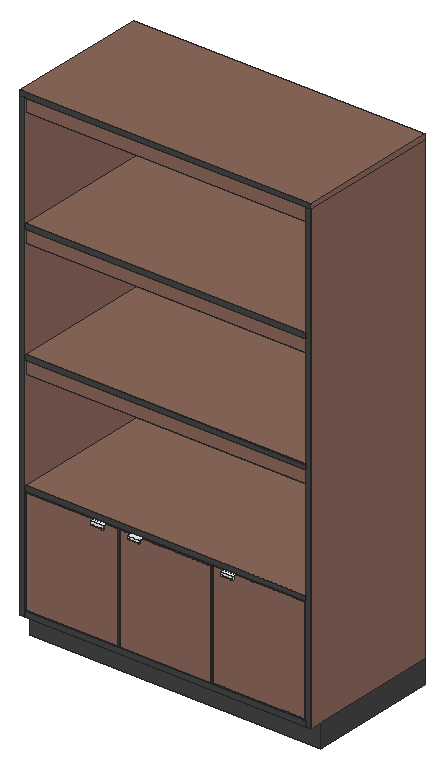
Revit family "Plymold-Cabinets-Six_Opening_Microwave+", category Furniture, Revit 2022
Family settings
  OmniClass Number = 23.40.20.00
  OmniClass Title = General Furniture and Specialties
  Work Plane-Based = No
  Always vertical = Yes
  Cut with Voids When Loaded = No
  Render Appearance Source = Family Geometry
  Shared = No
  Room Calculation Point = No
Parameters (values of type "82103")
  Width = 47"
  URL = "https://plymold.com/"
  Type Comments = "Cabinets"  # constant formula
  TOP MATERIAL = PLY - Wood Mahogany
  Sustainability = "https://plymold.com/plymolds-sustainability-efforts/"
  SIDE MATERIAL = PLY - Wood Mahogany - Vertical
  SHELF MATERIAL = PLY - Wood Mahogany
  Revit File Built By = "https://servex-us.com/servex-revit/"
  Product Documentation Link = "https://plymold.com/product/six-opening-microwave-cabinet/"
  PULL MATERIAL = PLY - Silver
  Model = "82103"
  Manufacturer = "Plymold Inc."  # constant formula
  Keynote = "12500"  # constant formula
  Height = 80"
  GLIDES MATERIAL = PLY - Plastic Black
  EDGE MATERIAL = PLY - Plastic Black
  Description = "Microwave Cabinet - 47\"W x 23\"D x 80\"H"
  Depth = 23"
  Default Elevation = 0"
  DOOR MATERIAL = PLY - Wood Mahogany - Vertical
  BASE MATERIAL = PLY - Onyx Black Powdercoat
  BACK MATERIAL = PLY - Wood Mahogany - Vertical
  Assembly Code = "E20202000"
Reference planes (in)
  plane 1 "Center Front/Back": y = 0
  plane 2: z = 0
  plane 3 "Center Left/Right": x = 0
  plane 4: x = -23.5
  plane 5: x = 23.5
  plane 6: y = 11.5
  plane 7: y = -11.5
  plane 8: z = 80
  plane 9: y = -10.75
  plane 10: y = -11.46875
Forms (in)
  Extrusion 1, solid, material "PLY - Wood Mahogany" <- "SHELF MATERIAL"
    sketch origin (0, 0, 0) x (0, 1, 0) y (0, 0, 1)
      loop
        line (-11.46875, 4.77) -> (-11.46875, 3.99357) -> (11, 3.99357) -> (11, 4.77) -> (-11.46875, 4.77)
      loop
        line (-11.46875, 23) -> (-11.46875, 22.23) -> (11, 22.23) -> (11, 23) -> (-11.46875, 23)
      loop
        line (-11.46875, 41.23) -> (-11.25, 41.23) -> (-11.25, 39) -> (-10.5, 39) -> (-10.5, 41.23) -> (11, 41.23) -> (11, 42) -> (-11.46875, 42) -> (-11.46875, 41.23)
      loop
        line (-10.5, 58) -> (-10.5, 60.23) -> (11, 60.23) -> (11, 61) -> (-11.46875, 61) -> (-11.46875, 60.23) -> (-11.25, 60.23) -> (-11.25, 58) -> (-10.5, 58)
    from -22.73 to 22.73
  Extrusion 2, solid, material "PLY - Wood Mahogany - Vertical" <- "BACK MATERIAL"
    sketch origin (0, 0, 0) x (1, 0, 0) y (0, 0, 1)
      loop
        circle (-10.73663, 64.0163) r 1.5
      loop
        circle (10.73663, 64.0163) r 1.5
      loop
        circle (-10.73663, 45.00849) r 1.5
      loop
        circle (10.73663, 45.00849) r 1.5
      loop
        circle (-10.73663, 26.00068) r 1.5
      loop
        circle (10.73663, 26.00068) r 1.5
      loop
        line (-22.73, 79.23) -> (-22.73, 3.99357) -> (22.73, 3.99357) -> (22.73, 79.23) -> (-22.73, 79.23)
    from -11.5 to -11
  Extrusion 3, solid, material "PLY - Plastic Black" <- "EDGE MATERIAL"
    sketch origin (0, 0, 0) x (0, 1, 0) y (0, 0, 1)
      loop
        line (-11.46875, 60.23) -> (-11.46875, 61) -> (-11.5, 61) -> (-11.5, 60.23) -> (-11.46875, 60.23)
      loop
        line (-11.46875, 41.23) -> (-11.46875, 42) -> (-11.5, 42) -> (-11.5, 41.23) -> (-11.46875, 41.23)
      loop
        line (-11.5, 23) -> (-11.5, 22.23) -> (-11.46875, 22.23) -> (-11.46875, 23) -> (-11.5, 23)
    from -22.73 to 22.73
  Extrusion 4, solid, material "PLY - Onyx Black Powdercoat" <- "BASE MATERIAL"
    sketch origin (0, 0, 0) x (0, 1, 0) y (0, 0, 1)
      loop
        line (-9.5, 0.25) -> (11.5, 0.25) -> (11.5, 3.99357) -> (-9.5, 3.99357) -> (-9.5, 0.25)
    from -23.5 to 23.5
  Extrusion 5, solid, material "PLY - Plastic Black" <- "GLIDES MATERIAL"
    sketch origin (0, 0, 0) x (1, 0, 0) y (0, 1, 0)
      loop
        arc (-19.87672, 10.75) -> (-20.12672, 10.5) -> (-19.87672, 10.25) r 0.25
        line (-19.87672, 10.25) -> (-19.12484, 10.25)
        arc (-19.12484, 10.25) -> (-18.87484, 10.5) -> (-19.12484, 10.75) r 0.25
        line (-19.12484, 10.75) -> (-19.87672, 10.75)
      loop
        line (-19.87485, -7.75) -> (-19.1239, -7.75)
        arc (-19.1239, -7.75) -> (-18.8739, -7.5) -> (-19.1239, -7.25) r 0.25
        line (-19.1239, -7.25) -> (-19.87485, -7.25)
        arc (-19.87485, -7.25) -> (-20.12485, -7.5) -> (-19.87485, -7.75) r 0.25
      loop
        arc (0.12406, 10.75) -> (-0.12594, 10.5) -> (0.12406, 10.25) r 0.25
        line (0.12406, 10.25) -> (0.87594, 10.25)
        arc (0.87594, 10.25) -> (1.12594, 10.5) -> (0.87594, 10.75) r 0.25
        line (0.87594, 10.75) -> (0.12406, 10.75)
      loop
        line (0.12593, -7.75) -> (0.87688, -7.75)
        arc (0.87688, -7.75) -> (1.12688, -7.5) -> (0.87688, -7.25) r 0.25
        line (0.87688, -7.25) -> (0.12593, -7.25)
        arc (0.12593, -7.25) -> (-0.12407, -7.5) -> (0.12593, -7.75) r 0.25
      loop
        arc (20.12406, 10.75) -> (19.87406, 10.5) -> (20.12406, 10.25) r 0.25
        line (20.12406, 10.25) -> (20.87594, 10.25)
        arc (20.87594, 10.25) -> (21.12594, 10.5) -> (20.87594, 10.75) r 0.25
        line (20.87594, 10.75) -> (20.12406, 10.75)
      loop
        line (20.12593, -7.75) -> (20.87688, -7.75)
        arc (20.87688, -7.75) -> (21.12688, -7.5) -> (20.87688, -7.25) r 0.25
        line (20.87688, -7.25) -> (20.12593, -7.25)
        arc (20.12593, -7.25) -> (19.87593, -7.5) -> (20.12593, -7.75) r 0.25
    from 0 to 0.25
  Extrusion 6, solid, material "PLY - Plastic Black" <- "EDGE MATERIAL"
    sketch origin (0, 0, 0) x (1, 0, 0) y (0, 0, 1)
      loop
        line (-22.5425, 21.98) -> (-22.5425, 4.9575) -> (-7.63917, 4.9575) -> (-7.63917, 21.98) -> (-22.5425, 21.98)
      loop
        line (-7.45167, 4.9575) -> (7.45167, 4.9575) -> (7.45167, 21.98) -> (-7.45167, 21.98) -> (-7.45167, 4.9575)
      loop
        line (7.63917, 21.98) -> (7.63917, 4.9575) -> (22.5425, 4.9575) -> (22.5425, 21.98) -> (7.63917, 21.98)
      loop
        line (-22.51125, 21.94875) -> (-22.51125, 4.98875) -> (-7.67042, 4.98875) -> (-7.67042, 21.94875) -> (-22.51125, 21.94875)
      loop
        line (7.42042, 21.94875) -> (-7.42042, 21.94875) -> (-7.42042, 4.98875) -> (7.42042, 4.98875) -> (7.42042, 21.94875)
      loop
        line (7.67042, 21.94875) -> (7.67042, 4.98875) -> (22.51125, 4.98875) -> (22.51125, 21.94875) -> (7.67042, 21.94875)
    from 10.75 to 11.5
  Extrusion 7, solid, material "PLY - Wood Mahogany - Vertical" <- "DOOR MATERIAL"
    sketch origin (0, 0, 0) x (1, 0, 0) y (0, 0, 1)
      loop
        line (-7.67042, 21.94875) -> (-22.51125, 21.94875) -> (-22.51125, 4.98875) -> (-7.67042, 4.98875) -> (-7.67042, 21.94875)
      loop
        line (7.42042, 21.94875) -> (-7.42042, 21.94875) -> (-7.42042, 4.98875) -> (7.42042, 4.98875) -> (7.42042, 21.94875)
      loop
        line (22.51125, 21.94875) -> (7.67042, 21.94875) -> (7.67042, 4.98875) -> (22.51125, 4.98875) -> (22.51125, 21.94875)
    from 10.75 to 11.5
  Extrusion 8, solid, material "PLY - Silver" <- "PULL MATERIAL"
    sketch origin (3.24344, -0.44415, -10.645) x (0, 1, 0) y (0, 0, 1)
      loop
        line (-10.30585, 31.184) -> (-10.24685, 31.184) -> (-10.24685, 32.684) -> (-11.74685, 32.684) -> (-11.74685, 32.24461)
        arc (-11.74685, 32.24461) -> (-11.68588, 32.18364) -> (-11.62491, 32.24461) r 0.06097
        line (-11.62491, 32.24461) -> (-11.62491, 32.625) -> (-10.30585, 32.625) -> (-10.30585, 31.184)
    from -14.72344 to -12.72344
  Extrusion 9, solid, material "PLY - Silver" <- "PULL MATERIAL"
    sketch origin (-18.33428, -0.44415, -10.645) x (0, 1, 0) y (0, 0, -1)
      loop
        line (-10.30585, -31.184) -> (-10.30585, -32.625) -> (-11.62491, -32.625) -> (-11.62491, -32.24461)
        arc (-11.62491, -32.24461) -> (-11.68588, -32.18364) -> (-11.74685, -32.24461) r 0.06097
        line (-11.74685, -32.24461) -> (-11.74685, -32.684) -> (-10.24685, -32.684) -> (-10.24685, -31.184) -> (-10.30585, -31.184)
    from -14.72344 to -12.72344
  Extrusion 10, solid, material "PLY - Silver" <- "PULL MATERIAL"
    sketch origin (-3.24115, -0.44415, -10.645) x (0, 1, 0) y (0, 0, -1)
      loop
        line (-10.30585, -31.184) -> (-10.30585, -32.625) -> (-11.62491, -32.625) -> (-11.62491, -32.24461)
        arc (-11.62491, -32.24461) -> (-11.68588, -32.18364) -> (-11.74685, -32.24461) r 0.06097
        line (-11.74685, -32.24461) -> (-11.74685, -32.684) -> (-10.24685, -32.684) -> (-10.24685, -31.184) -> (-10.30585, -31.184)
    from -14.72344 to -12.72344
  Extrusion 11, solid, material "PLY - Wood Mahogany" <- "TOP MATERIAL"
    sketch origin (0, -51, 0) x (0, 1, 0) y (0, 0, 1)
      loop
        line (39.53125, 80) -> (39.53125, 79.23) -> (62.5, 79.23) -> (62.5, 80) -> (39.53125, 80)
    from -23.5 to 23.5
  Extrusion 12, solid, material "PLY - Wood Mahogany" <- "TOP MATERIAL"
    sketch origin (0, 0, 0) x (0, 1, 0) y (0, 0, 1)
      loop
        line (-10.5, 79.23) -> (-11.25, 79.23) -> (-11.25, 77) -> (-10.5, 77) -> (-10.5, 79.23)
    from -22.73 to 22.73
  Extrusion 13, solid, material "PLY - Plastic Black" <- "EDGE MATERIAL"
    sketch origin (0, -11.46875, 80) x (0, 0, -1) y (1, 0, 0)
      loop
        line (0, -23.5) -> (0.77, -23.5) -> (0.77, 23.5) -> (0, 23.5) -> (0, -23.5)
      loop
        line (75.23, -22.73) -> (76.00643, -22.73) -> (76.00643, 22.73) -> (75.23, 22.73) -> (75.23, -22.73)
    from 0 to 0.03125
  Extrusion 14, solid, material "PLY - Plastic Black" <- "EDGE MATERIAL"
    sketch origin (0, -11.46875, 0) x (1, 0, 0) y (0, 0, 1)
      loop
        line (-22.73, 79.23) -> (-23.5, 79.23) -> (-23.5, 3.99357) -> (-22.73, 3.99357) -> (-22.73, 79.23)
      loop
        line (23.5, 79.23) -> (22.73, 79.23) -> (22.73, 3.99357) -> (23.5, 3.99357) -> (23.5, 79.23)
    from 0 to 0.03125
  Extrusion 15, solid, material "PLY - Wood Mahogany - Vertical" <- "SIDE MATERIAL"
    sketch origin (0, 0, 0) x (1, 0, 0) y (0, 1, 0)
      loop
        line (-23.5, 11.5) -> (-23.5, -11.46875) -> (-22.73, -11.46875) -> (-22.73, 11.5) -> (-23.5, 11.5)
      loop
        line (23.5, 11.5) -> (22.73, 11.5) -> (22.73, -11.46875) -> (23.5, -11.46875) -> (23.5, 11.5)
    from 3.99357 to 79.23
Lines and regions (in)
  symbolic lines
    curve 1: line (-23.5, 11.5, 0) -> (23.5, 11.5, 0)
    curve 2: line (-23.5, -11.5, 0) -> (-23.5, 11.5, 0)
    curve 3: line (23.5, -11.5, 0) -> (-23.5, -11.5, 0)
    curve 4: line (23.5, 11.5, 0) -> (23.5, -11.5, 0)
    curve 29: line (-11.48, -12.191, 0) -> (-9.48, -12.191, 0)
    curve 30: line (-9.48, -12.191, 0) -> (-9.48, -11.5, 0)
    curve 31: line (-11.48, -12.191, 0) -> (-11.48, -11.5, 0)
    curve 32: line (-5.61083, -12.191, 0) -> (-3.61083, -12.191, 0)
    curve 33: line (-3.61083, -12.191, 0) -> (-3.61083, -11.5, 0)
    curve 34: line (-5.61083, -12.191, 0) -> (-5.61083, -11.5, 0)
    curve 35: line (9.4823, -12.191, 0) -> (11.4823, -12.191, 0)
    curve 36: line (11.4823, -12.191, 0) -> (11.4823, -11.5, 0)
    curve 37: line (9.4823, -12.191, 0) -> (9.4823, -11.5, 0)
  symbolic lines, style "FurnitureHiddenLines", detail levels fine
    curve 5: line (-19.12484, 10.75, 0) -> (-19.87672, 10.75, 0)
    curve 6: line (-19.87672, 10.25, 0) -> (-19.12484, 10.25, 0)
    curve 7: arc (-19.87672, 10.75, 0) -> (-20.12672, 10.5, 0) -> (-19.87672, 10.25, 0) r 0.25
    curve 8: arc (-19.12484, 10.25, 0) -> (-18.87484, 10.5, 0) -> (-19.12484, 10.75, 0) r 0.25
    curve 9: line (0.87594, 10.75, 0) -> (0.12406, 10.75, 0)
    curve 10: line (0.12406, 10.25, 0) -> (0.87594, 10.25, 0)
    curve 11: arc (0.87594, 10.25, 0) -> (1.12594, 10.5, 0) -> (0.87594, 10.75, 0) r 0.25
    curve 12: arc (0.12406, 10.75, 0) -> (-0.12594, 10.5, 0) -> (0.12406, 10.25, 0) r 0.25
    curve 13: arc (20.12406, 10.75, 0) -> (19.87406, 10.5, 0) -> (20.12406, 10.25, 0) r 0.25
    curve 14: line (20.87594, 10.75, 0) -> (20.12406, 10.75, 0)
    curve 15: arc (20.87594, 10.25, 0) -> (21.12594, 10.5, 0) -> (20.87594, 10.75, 0) r 0.25
    curve 16: line (20.12406, 10.25, 0) -> (20.87594, 10.25, 0)
    curve 17: line (20.87688, -7.25, 0) -> (20.12593, -7.25, 0)
    curve 18: arc (20.12593, -7.25, 0) -> (19.87593, -7.5, 0) -> (20.12593, -7.75, 0) r 0.25
    curve 19: line (20.12593, -7.75, 0) -> (20.87688, -7.75, 0)
    curve 20: arc (20.87688, -7.75, 0) -> (21.12688, -7.5, 0) -> (20.87688, -7.25, 0) r 0.25
    curve 21: arc (0.12593, -7.25, 0) -> (-0.12407, -7.5, 0) -> (0.12593, -7.75, 0) r 0.25
    curve 22: line (0.87688, -7.25, 0) -> (0.12593, -7.25, 0)
    curve 23: line (0.12593, -7.75, 0) -> (0.87688, -7.75, 0)
    curve 24: arc (0.87688, -7.75, 0) -> (1.12688, -7.5, 0) -> (0.87688, -7.25, 0) r 0.25
    curve 25: arc (-19.87485, -7.25, 0) -> (-20.12485, -7.5, 0) -> (-19.87485, -7.75, 0) r 0.25
    curve 26: line (-19.1239, -7.25, 0) -> (-19.87485, -7.25, 0)
    curve 27: line (-19.87485, -7.75, 0) -> (-19.1239, -7.75, 0)
    curve 28: arc (-19.1239, -7.75, 0) -> (-18.8739, -7.5, 0) -> (-19.1239, -7.25, 0) r 0.25
Dimensions and locks (in)
  equal spacing: plane 4, plane 3 "Center Left/Right", plane 5
  "Width": plane 4 to plane 5
  equal spacing: plane 7, plane 1 "Center Front/Back", plane 6
  "Depth": plane 6 to plane 7
  "Height": plane 8 to plane 2
  Extrusion 6 sketch curve to Extrusion 6 sketch curve to Extrusion 6 sketch curve to Extrusion 6 sketch curve to Extrusion 6 sketch curve to Extrusion 6 sketch curve to plane 3 "Center Left/Right" to Extrusion 6 sketch curve to Extrusion 6 sketch curve to Extrusion 6 sketch curve to Extrusion 6 sketch curve to Extrusion 6 sketch curve to Extrusion 6 sketch curve = 1/32" locked, 14.84083" locked, 1/32" locked, 3/16" locked, 1/32" locked, 7.42042" locked, 7.42042" locked, 1/32" locked, 3/16" locked, 1/32" locked, 14.84083" locked, 1/32" locked
  Extrusion 6 sketch curve to Extrusion 6 sketch curve to Extrusion 6 sketch curve to Extrusion 6 sketch curve to plane 2 = 1/32" locked, 16.96" locked, 1/32" locked, 4.9575" locked  (x3)
  Extrusion 7 sketch curve to Extrusion 7 sketch curve to Extrusion 7 sketch curve to plane 3 "Center Left/Right" to Extrusion 7 sketch curve to Extrusion 7 sketch curve to Extrusion 7 sketch curve = 14.84083" locked, 1/4" locked, 7.42042" locked, 7.42042" locked, 1/4" locked, 14.84083" locked
  Extrusion 7 sketch curve to Extrusion 7 sketch curve to plane 2 = 16.96" locked, 4.98875" locked  (x3)
  plane 1 "Center Front/Back" to plane 9 to plane 10 to plane 7 = 10 3/4", 23/32", 1/32"
  Extrusion 2 sketch curve to Extrusion 2 sketch curve to Extrusion 2 sketch curve to plane 2 = 19 1/128" locked, 19 1/128" locked, 26.00068" locked  (x2)
  equal spacing: Extrusion 2 sketch curve, plane 3 "Center Left/Right", Extrusion 2 sketch curve, locked at 10.73663 each  (x3)
  locked: plane 1 "Center Front/Back" to Extrusion 4 sketch curve at 9.5
  plane 2 to Extrusion 4 sketch curve to Extrusion 4 sketch curve = 1/4" locked, 3.74357" locked
  Extrusion 5 sketch curve to Extrusion 5 sketch curve to plane 3 "Center Left/Right" to Extrusion 5 sketch curve to Extrusion 5 sketch curve to Extrusion 5 sketch curve to Extrusion 5 sketch curve = 0.75189" locked, 19.12484" locked, 0.12406" locked, 0.75189" locked, 19.24811" locked, 0.75189" locked
  Extrusion 5 sketch curve to Extrusion 5 sketch curve to plane 3 "Center Left/Right" to Extrusion 5 sketch curve to Extrusion 5 sketch curve to Extrusion 5 sketch curve to Extrusion 5 sketch curve = 0.75096" locked, 19.1239" locked, 0.12593" locked, 0.75096" locked, 19.24904" locked, 0.75096" locked
  Extrusion 5 sketch curve to plane 1 "Center Front/Back" to Extrusion 5 sketch curve = 10 1/2" locked, 7 1/2" locked
  Extrusion 5 sketch curve to plane 1 "Center Front/Back" to Extrusion 5 sketch curve = 7 1/2" locked, 10 1/2" locked  (x5)
  locked: plane 6 to Extrusion 2 at 0.5
  Extrusion 1 to Extrusion 4 to Extrusion 4 to plane 2 = 0.77643" locked, 3.74357" locked, 1/4"
  Extrusion 1 sketch curve to Extrusion 1 sketch curve to Extrusion 1 sketch curve to Extrusion 1 sketch curve to Extrusion 1 sketch curve to Extrusion 1 sketch curve to Extrusion 1 sketch curve to Extrusion 4 = 0.77" locked, 18.23" locked, 0.77" locked, 18.23" locked, 0.77" locked, 17.46" locked, 0.77643" locked
  locked: Extrusion 1 sketch curve to Extrusion 1 sketch curve at 2.23  (x2)
  Extrusion 1 sketch curve to Extrusion 1 sketch curve to plane 7 = 3/4" locked, 1/4" locked  (x2)
  locked: Extrusion 14 to plane 4 at 0.77
  locked: Extrusion 14 to plane 5 at 0.77
  aligned and locked: level to plane 2
  aligned and locked: plane 9 to Extrusion 6
  aligned and locked: plane 7 to Extrusion 6
  aligned and locked: plane 7 to Extrusion 7
  aligned and locked: plane 9 to Extrusion 7
  aligned and locked: plane 10 to Extrusion 3 sketch curve  (x3)
  aligned and locked: plane 7 to Extrusion 3 sketch curve  (x2)
  aligned and locked: plane 6 to Extrusion 2
  aligned and locked: plane 10 to Extrusion 1 sketch curve  (x3)
  aligned and locked: Extrusion 1 sketch curve to plane 10
  aligned and locked: Extrusion 1 sketch curve to Extrusion 1 sketch curve  (x2)
  aligned and locked: Extrusion 4 sketch curve to plane 6
  aligned and locked: Extrusion 5 to plane 2
  aligned and locked: Extrusion 5 to Extrusion 4
  aligned and locked: plane 6 to Extrusion 11
  aligned and locked: plane 8 to Extrusion 11 sketch curve
  aligned and locked: plane 10 to Extrusion 11 sketch curve
  aligned and locked: plane 7 to Extrusion 13
  aligned and locked: Extrusion 12 to Extrusion 14 sketch curve
  aligned and locked: Extrusion 14 sketch curve to Extrusion 11
  aligned and locked: Extrusion 13 to Extrusion 14 sketch curve
  aligned and locked: Extrusion 14 sketch curve to Extrusion 13
  aligned and locked: plane 7 to Extrusion 14
  aligned and locked: plane 10 to Extrusion 13
  aligned and locked: Extrusion 11 to plane 10
  aligned and locked: plane 10 to Extrusion 14
  aligned and locked: Extrusion 13 to plane 10
  aligned and locked: Extrusion 14 to plane 10
  aligned and locked: Extrusion 14 to plane 7
  aligned and locked: Extrusion 1 to Extrusion 2  (x4)
  aligned and locked: Extrusion 1 to Extrusion 14  (x2)
  aligned and locked: Extrusion 15 sketch curve to Extrusion 4  (x2)
  aligned and locked: curve 2 to Extrusion 15 sketch curve
  aligned and locked: Extrusion 15 sketch curve to Extrusion 1  (x3)
  aligned and locked: Extrusion 15 sketch curve to curve 4
  aligned and locked: Extrusion 1 to Extrusion 15 sketch curve
  aligned and locked: Extrusion 15 to Extrusion 2
  aligned and locked: Extrusion 15 to Extrusion 1
Automatic sketch dimensions
  curve 3 to plane 4 = 0"
  plane 7 to curve 31 = 0"
  curve 4 to plane 5 = 0"
  curve 2 to plane 6 = 0"
  curve 7 to plane 6 = 1"
  plane 4 to curve 7 = 3.62328"
  plane 4 to curve 26 = 3.62515"
  curve 6 to curve 6 = 0.75189"
  curve 27 to curve 27 = 0.75096"
  plane 7 to curve 31 = 0.691"
  curve 27 to curve 31 = 7.6439"
  curve 29 to curve 29 = 2"
  plane 7 to curve 32 = 0.691"
  curve 29 to curve 32 = 3.86917"
  curve 32 to curve 32 = 2"
  plane 3 "Center Left/Right" to curve 12 = 0.12406"
  plane 3 "Center Left/Right" to curve 21 = 0.12593"
  curve 12 to curve 11 = 0.75189"
  curve 23 to curve 23 = 0.75096"
  plane 7 to curve 37 = 0.691"
  plane 3 "Center Left/Right" to curve 37 = 9.4823"
  curve 35 to curve 36 = 2"
  curve 16 to plane 6 = 1 1/4"
  plane 5 to curve 16 = 3.37594"
  plane 5 to curve 19 = 3.37407"
  curve 13 to curve 14 = 0.75189"
  curve 17 to curve 17 = 0.75096"
  plane 9 to curve 27 = 3"
  plane 9 to curve 23 = 3"
  plane 9 to curve 19 = 3"
  curve 21 to curve 21 = 1/4"
  curve 19 to curve 20 = 1/4"
  curve 25 to curve 25 = 1/4"
  curve 6 to curve 8 = 1/4"
  curve 10 to plane 6 = 1 1/4"
  curve 13 to curve 13 = 1/4"
  curve 10 to curve 11 = 1/4"
  Extrusion 1 sketch curve to plane 6 = 1/2"  (x4)
  Extrusion 1 sketch curve to Extrusion 1 sketch curve = 0.77643"
  Extrusion 3 sketch curve to plane 7 = 0"
  level to Extrusion 3 sketch curve = 22.23"
  Extrusion 3 sketch curve to Extrusion 3 sketch curve = 0.77"  (x3)
  Extrusion 3 sketch curve to Extrusion 3 sketch curve = 18.23"  (x2)
  Extrusion 5 sketch curve to Extrusion 5 sketch curve = 1/4"  (x6)
  Extrusion 8 sketch curve to plane 9 = 0"
  plane 7 to Extrusion 8 sketch curve = 0.56906"
  Extrusion 8 sketch curve to Extrusion 8 sketch curve = 0.06097"
  Extrusion 8 sketch curve to Extrusion 8 sketch curve = 0.059"  (x2)
  level to Extrusion 8 sketch curve = 20.539"
  Extrusion 8 sketch curve to Extrusion 8 sketch curve = 1.06061"
  Extrusion 8 sketch curve to Extrusion 8 sketch curve = 0.38039"
  Extrusion 9 sketch curve to plane 9 = 0"
  plane 7 to Extrusion 9 sketch curve = 0.56906"
  Extrusion 9 sketch curve to Extrusion 9 sketch curve = 0.06097"
  Extrusion 9 sketch curve to Extrusion 9 sketch curve = 0.059"  (x2)
  level to Extrusion 9 sketch curve = 22.039"
  Extrusion 9 sketch curve to Extrusion 9 sketch curve = 0.38039"
  Extrusion 9 sketch curve to Extrusion 9 sketch curve = 1.441"
  Extrusion 10 sketch curve to plane 9 = 0"
  plane 7 to Extrusion 10 sketch curve = 0.56906"
  Extrusion 10 sketch curve to Extrusion 10 sketch curve = 0.06097"
  Extrusion 10 sketch curve to Extrusion 10 sketch curve = 0.059"  (x2)
  level to Extrusion 10 sketch curve = 22.039"
  Extrusion 10 sketch curve to Extrusion 10 sketch curve = 0.38039"
  Extrusion 10 sketch curve to Extrusion 10 sketch curve = 1.441"
  Extrusion 11 sketch curve to plane 6 = 0"
  Extrusion 11 sketch curve to plane 8 = 0.77"
  plane 10 to Extrusion 12 sketch curve = 7/32"
  plane 9 to Extrusion 12 sketch curve = 1/4"
  Extrusion 12 sketch curve to plane 8 = 3"
  Extrusion 12 sketch curve to Extrusion 12 sketch curve = 2.23"
  plane 4 to Extrusion 2 sketch curve = 0.77"
  Extrusion 2 sketch curve to plane 3 "Center Left/Right" = 10.73663"  (x3)
  plane 5 to Extrusion 2 sketch curve = 0.77"
  level to Extrusion 2 sketch curve = 3.99357"
  Extrusion 2 sketch curve to plane 8 = 0.77"
  Extrusion 13 sketch curve to Extrusion 11 = 0"  (x4)
  Extrusion 11 to Extrusion 13 sketch curve = 0.77"  (x2)
  Extrusion 11 to Extrusion 13 sketch curve = 74.46"
  Extrusion 13 sketch curve to Extrusion 13 sketch curve = 0.77643"
  Extrusion 14 sketch curve to plane 4 = 0"
  plane 5 to Extrusion 14 sketch curve = 0"
  plane 4 to Extrusion 14 sketch curve = 0.77"
  level to Extrusion 14 sketch curve = 3.99357"
  radius of Extrusion 2 sketch curve = 1 1/2"  (x6)
